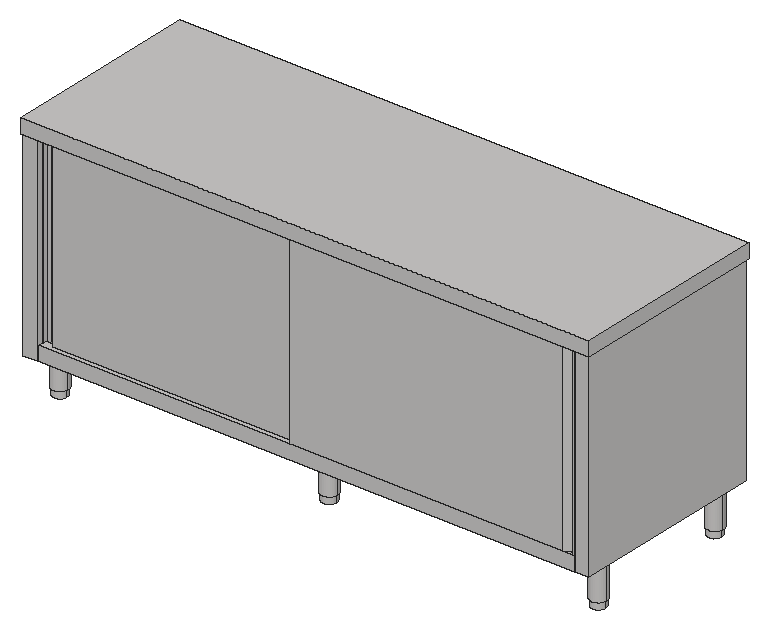
Revit family "QF_ELECTROLUXPROFESSIONAL_133078_TN2000EN", category Attrezzature speciali, Revit 2020
Family settings
  Quota connettore circolare = Usa diametro
  Tipo di parte = Normale
  Basato su piano di lavoro = No
  Sempre verticale = Sì
  Taglio con vuoti quando caricato = No
  Condiviso = No
  Punto di calcolo locali = No
Parameters (values of type "Standard")
  Weight = 75.00 kg
  Watts = 0 W
  Volts = 0 V
  URL Manufacturer = "https://www.electroluxprofessional.com/"
  URL = "https://www.electroluxprofessional.com/"
  Steam Supply Size = 0 mm
  Steam Supply Minimum Pressure = 0.0 Pa
  Steam Supply Maximum Pressure = 0.0 Pa
  Steam Consumption per Hour = 0
  Refrigeration Suction Line Size = 0.0 mm
  Refrigeration Liquid Line Size = 0.0 mm
  Refrigerant Compressor Remote = yes
  Prospetto di default = 0.0 mm
  Produttore = "Electrolux Professional"
  Phase = 0
  Modello = "TN2000EN"
  Length Actual = 2000.0 mm  # constant formula
  Item Number = "133078"
  Hot Water Size = 0 mm
  Height Actual = 900.0 mm  # constant formula
  HP = "0 HP"
  Gas Size = 0 mm
  Gas KW = 0
  Gas Input Pressure = 0 W
  Direct Waste Size = 0 mm
  Descrizione = "WORKTOP CUPBOARD 2000 MM"
  Depth Actual = 700.0 mm  # constant formula
  Cycle = 0 Hz
  Condensate Return Size = 0 mm
  Compressed Air Volume = 0.0 L/s
  Compressed Air Size = 0 mm
  Compressed Air Pressure = 0.0 Pa
  Cold Water Size = 0 mm
  Accessory = yes
Reference planes
  plane 1 "Center (Front/Back)": y = 0
  plane 2: z = 0
  plane 3 "Center (Left/Right)": x = -500
  plane 4 "LEFT": x = -1500
  plane 5 "RIGHT": x = 500
  plane 6 "BACK": y = 350
  plane 7 "FRONT": y = -350
  plane 8 "Base": z = 850
  plane 9 "TOP": z = 900
  plane 10: x = -1446.9
  plane 11: x = 446.9
  plane 12: y = 270
  plane 13: y = -241.9
  plane 14 "BodyLeft": x = -1494.5
  plane 15 "BodyFront": y = -344.5
  plane 16 "BodyRight": x = 494.5
  plane 17 "BodyBack": y = 344.5
  plane 18 "FEET": z = 150
  plane 19: x = -444.5
  plane 20: x = -555.5
Forms (mm)
  Extrusion 1, solid, material "QF_Finishes_Stainless Steel"
    sketch origin (-500, 0, 0) x (0, 1, 0) y (0, 0, 1)
      loop
        line (-350, 850) -> (350, 850) -> (350, 900) -> (-350, 900) -> (-350, 850)
    from 1000 to -1000
  Extrusion 2, solid, material "QF_Finishes_Stainless Steel"
    sketch origin (0, 0, 150) x (-1, 0, 0) y (0, -1, 0)
      loop
        line (1494.5, -344.5) -> (1494.5, 344.5) -> (1444.5, 344.5) -> (1444.5, -344.5) -> (1494.5, -344.5)
      loop
        line (-444.5, -344.5) -> (-444.5, 344.5) -> (-494.5, 344.5) -> (-494.5, -344.5) -> (-444.5, -344.5)
    from 0 to 700
  Extrusion 3, solid, material "QF_Finishes_Stainless Steel"
    sketch origin (0, 0, 150) x (-1, 0, 0) y (0, -1, 0)
      loop
        line (1443.585, -344.5) -> (1443.585, 344.5) -> (-444.5, 344.5) -> (-444.5, -344.5) -> (1443.585, -344.5)
    from 0 to 50
  Extrusion 4, solid, material "QF_Finishes_Stainless Steel"
    sketch origin (0, 0, 150) x (-1, 0, 0) y (0, -1, 0)
      loop
        line (1443.585, -344.5) -> (1443.585, -294.5) -> (-444.5, -294.5) -> (-444.5, -344.5) -> (1443.585, -344.5)
    from 50 to 700
  Extrusion 5, solid, material "QF_Finishes_Stainless Steel"
    sketch origin (0, 0, 150) x (-1, 0, 0) y (0, -1, 0)
      loop
        line (-444.5, 344.5) -> (-444.5, 324.5) -> (555.5, 324.5) -> (555.5, 344.5) -> (-404.5, 344.5) -> (-424.5, 329.5) -> (-439.5, 329.5) -> (-439.5, 344.5) -> (-444.5, 344.5)
    from 50 to 700
  Extrusion 6, solid, material "QF_Finishes_Stainless Steel"
    sketch origin (0, 20, 150) x (1, 0, 0) y (0, 1, 0)
      loop
        line (-1444.5, -344.5) -> (-1439.5, -344.5) -> (-1439.5, -329.5) -> (-1424.5, -329.5) -> (-1404.5, -344.5) -> (-444.5, -344.5) -> (-444.5, -324.5) -> (-1444.5, -324.5) -> (-1444.5, -344.5)
    from 50 to 700
Lines and regions (mm)
  symbolic lines
    curve 1: line (500, 350, 900) -> (-1500, 350, 900)
    curve 2: line (-1500, 350, 900) -> (-1500, -350, 900)
    curve 3: line (-1500, -350, 900) -> (500, -350, 900)
    curve 4: line (500, -350, 900) -> (500, 350, 900)
  symbolic lines, style "SpecialityEquipmentHiddenLines"
    curve 5: line (-1494.5, 344.5, 150) -> (494.5, 344.5, 150)
    curve 6: line (-1494.5, -344.5, 150) -> (-1494.5, 344.5, 150)
    curve 7: line (494.5, -344.5, 150) -> (-1494.5, -344.5, 150)
    curve 8: line (494.5, 344.5, 150) -> (494.5, -344.5, 150)
    curve 9: line (-1444.5, -304.5, 150) -> (-444.5, -304.5, 150)
    curve 10: line (-444.5, -304.5, 150) -> (-444.5, -324.5, 150)
    curve 11: line (-1444.5, -324.5, 150) -> (444.5, -324.5, 150)
    curve 12: line (444.5, -324.5, 150) -> (444.5, -344.5, 150)
    curve 13: line (-555.5, -324.5, 150) -> (-555.5, -344.5, 150)
    curve 14: line (-1444.5, -304.5, 150) -> (-1444.5, -324.5, 150)
Dimensions and locks
  plane 4 "LEFT" to plane 5 "RIGHT" = 2000.0 mm
  equal spacing: plane 4 "LEFT", plane 3 "Center (Left/Right)", plane 5 "RIGHT"
  locked: plane 8 "Base" to level at 850
  plane 9 "TOP" to level = 900.0 mm
  plane 6 "BACK" to plane 7 "FRONT" = 700.0 mm
  equal spacing: plane 6 "BACK", plane 1 "Center (Front/Back)", plane 7 "FRONT"
  locked: plane 4 "LEFT" to plane 14 "BodyLeft" at 5.5
  locked: plane 16 "BodyRight" to plane 5 "RIGHT" at 5.5
  locked: plane 15 "BodyFront" to plane 7 "FRONT" at 5.5
  locked: plane 6 "BACK" to plane 17 "BodyBack" at 5.5
  locked: plane 14 "BodyLeft" to plane 10 at 47.6
  locked: plane 11 to plane 16 "BodyRight" at 47.6
  locked: plane 13 to plane 15 "BodyFront" at 102.6
  locked: plane 17 "BodyBack" to plane 12 at 74.5
  plane 10 to plane 11 = 1893.8 mm
  plane 12 to plane 13 = 511.9 mm
  locked: plane 14 "BodyLeft" to Extrusion 2 sketch curve at 50
  locked: Extrusion 2 sketch curve to Extrusion 2 sketch curve at 50
  Extrusion 3 to Extrusion 4 sketch curve = 50.0 mm
  Extrusion 2 to plane 19 = 1000.0 mm
  plane 20 to Extrusion 2 = 1000.0 mm
  locked: plane 18 "FEET" to level at 150
  aligned and locked: level to plane 2
  aligned and locked: plane 10 to nested 1
  aligned and locked: nested 1 to plane 13
  aligned and locked: plane 11 to nested 2
  aligned and locked: nested 2 to plane 13
  aligned and locked: plane 11 to nested 4
  aligned and locked: nested 4 to plane 12
  aligned and locked: plane 10 to nested 3
  aligned and locked: nested 3 to plane 12
  aligned and locked: Extrusion 1 to plane 4 "LEFT"
  aligned and locked: plane 5 "RIGHT" to Extrusion 1
  aligned and locked: curve 2 to plane 4 "LEFT"
  aligned and locked: plane 17 "BodyBack" to Extrusion 2 sketch curve
  aligned and locked: Extrusion 2 sketch curve to plane 15 "BodyFront"
  aligned and locked: Extrusion 2 sketch curve to plane 14 "BodyLeft"
  aligned and locked: plane 16 "BodyRight" to Extrusion 2 sketch curve
  aligned and locked: Extrusion 2 sketch curve to plane 17 "BodyBack"
  aligned and locked: plane 15 "BodyFront" to Extrusion 2 sketch curve
  aligned and locked: Extrusion 3 sketch curve to plane 17 "BodyBack"
  aligned and locked: plane 15 "BodyFront" to Extrusion 3 sketch curve
  aligned and locked: plane 8 "Base" to Extrusion 2
  aligned and locked: Extrusion 4 sketch curve to Extrusion 3
  aligned and locked: plane 8 "Base" to Extrusion 5
  aligned and locked: Extrusion 5 to Extrusion 3
  aligned and locked: Extrusion 6 sketch curve to plane 19
  aligned and locked: Extrusion 5 sketch curve to plane 20
  aligned and locked: Extrusion 1 to plane 8 "Base"
  aligned and locked: plane 9 "TOP" to Extrusion 1
  aligned and locked: curve 5 to plane 17 "BodyBack"
  aligned and locked: plane 14 "BodyLeft" to curve 6
  aligned and locked: plane 15 "BodyFront" to curve 7
  aligned and locked: plane 16 "BodyRight" to curve 8
  aligned and locked: plane 3 "Center (Left/Right)" to nested 5
  aligned and locked: plane 3 "Center (Left/Right)" to nested 6
Automatic sketch dimensions
  curve 3 to plane 7 "FRONT" = 0.0 mm
  curve 4 to plane 6 "BACK" = 0.0 mm
  Extrusion 1 sketch curve to plane 7 "FRONT" = 0.0 mm
  plane 9 "TOP" to Extrusion 1 sketch curve = 0.0 mm
  Extrusion 1 sketch curve to plane 6 "BACK" = 0.0 mm
  Extrusion 1 sketch curve to plane 8 "Base" = 0.0 mm
  Extrusion 5 sketch curve to plane 15 "BodyFront" = 0.0 mm  (x2)
  Extrusion 5 sketch curve to plane 11 = 2.4 mm
  Extrusion 5 sketch curve to Extrusion 5 sketch curve = 5.0 mm
  Extrusion 5 sketch curve to Extrusion 5 sketch curve = 15.0 mm
  Extrusion 5 sketch curve to Extrusion 5 sketch curve = 20.0 mm
  plane 15 "BodyFront" to Extrusion 5 sketch curve = 15.0 mm
  plane 15 "BodyFront" to Extrusion 5 sketch curve = 20.0 mm
  Extrusion 6 sketch curve to plane 15 "BodyFront" = 20.0 mm  (x2)
  Extrusion 6 sketch curve to plane 10 = 2.4 mm
  Extrusion 6 sketch curve to Extrusion 6 sketch curve = 5.0 mm
  Extrusion 6 sketch curve to Extrusion 6 sketch curve = 15.0 mm
  Extrusion 6 sketch curve to Extrusion 6 sketch curve = 20.0 mm  (x2)
  Extrusion 6 sketch curve to plane 15 "BodyFront" = 35.0 mm
  Extrusion 3 sketch curve to plane 11 = 2.4 mm
  plane 10 to Extrusion 3 sketch curve = 3.315 mm
  Extrusion 4 sketch curve to plane 11 = 2.4 mm
  plane 10 to Extrusion 4 sketch curve = 3.315 mm
  curve 10 to plane 19 = 0.0 mm
  curve 13 to plane 20 = 0.0 mm
  curve 11 to plane 11 = 2.4 mm
  plane 15 "BodyFront" to curve 9 = 40.0 mm
  curve 12 to curve 12 = 20.0 mm
  plane 10 to curve 14 = 2.4 mm
  curve 4 to plane 5 "RIGHT" = 0.0 mm
Nested families
  nested 1: "FEET_D58-150" at (-1446.9, -241.9, 0), type "FEET_D58-150"
  nested 2: "FEET_D58-150" at (446.9, -241.9, 0), type "FEET_D58-150"
  nested 3: "FEET_D58-150" at (-1446.9, 270, 0), type "FEET_D58-150"
  nested 4: "FEET_D58-150" at (446.9, 270, 0), type "FEET_D58-150"
  nested 5: "FEET_D58-150" at (-500, -241.9, 0), type "FEET_D58-150"
  nested 6: "FEET_D58-150" at (-500, 270, 0), type "FEET_D58-150"
Definition of nested family "FEET_D58-150"
  Parameters
    Default Elevation = 0.0 mm
    FEET = 150.0 mm
  Reference planes
    plane 1 "Center (Front/Back)": y = 0
    plane 2: z = 0
    plane 3 "Center (Left/Right)": x = 0
    plane 4: z = 150
  Forms (mm)
    Extrusion 1, solid
      sketch origin (0, 0, 0) x (1, 0, 0) y (0, 1, 0)
        loop
          circle (0, 0) r 25
      from 0 to 25
    Extrusion 2, solid
      sketch origin (0, 0, 0) x (1, 0, 0) y (0, 1, 0)
        loop
          circle (0.061, 0) r 29
      from 25 to 150 <- "FEET"
  Lines and regions (mm)
    symbolic lines
      curve 1: line (0, -1.503, 0) -> (0, 1.508, 0)
      curve 2: line (1.561, 0, 0) -> (-1.439, 0, 0)
  Dimensions and locks
    "FEET": plane 4 to plane 2
    aligned and locked: level to plane 2
  Automatic sketch dimensions
    plane 1 "Center (Front/Back)" to Extrusion 1 sketch curve = 0.0 mm
    Extrusion 1 sketch curve to plane 3 "Center (Left/Right)" = 0.0 mm
    plane 1 "Center (Front/Back)" to curve 2 = 0.0 mm
    curve 1 to plane 3 "Center (Left/Right)" = 0.0 mm
    curve 2 to plane 3 "Center (Left/Right)" = 1.439 mm
    plane 3 "Center (Left/Right)" to curve 2 = 1.561 mm
    plane 1 "Center (Front/Back)" to curve 1 = 1.503 mm
    curve 1 to plane 1 "Center (Front/Back)" = 1.508 mm
    plane 1 "Center (Front/Back)" to Extrusion 2 sketch curve = 0.0 mm
    plane 3 "Center (Left/Right)" to Extrusion 2 sketch curve = 0.061 mm
    radius of Extrusion 1 sketch curve = 25.0 mm
    radius of Extrusion 2 sketch curve = 29.0 mm
